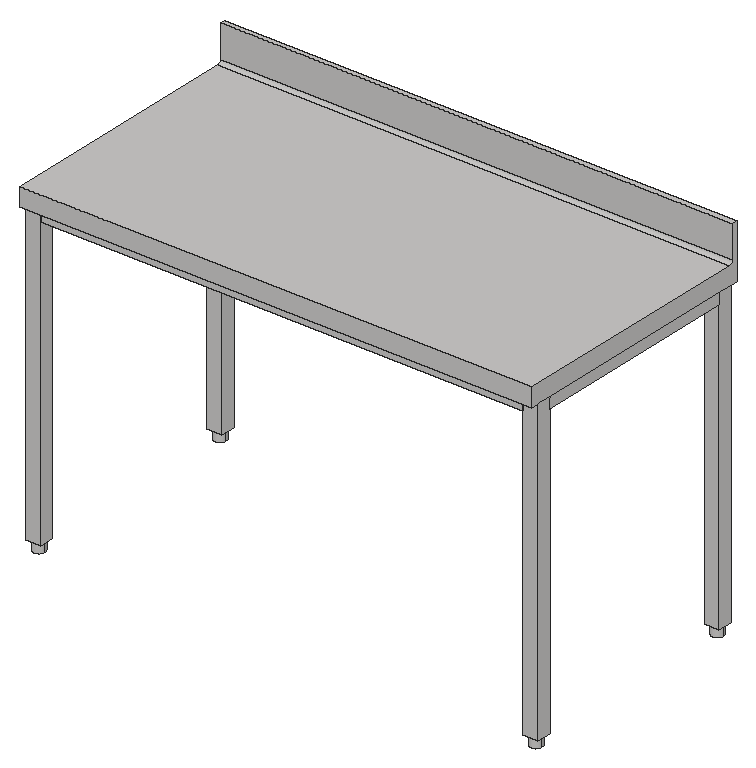
Revit family "QF_ELECTROLUXPROFESSIONAL_134015_GTG1410E", category Attrezzature speciali, Revit 2020
Family settings
  Quota connettore circolare = Usa diametro
  Tipo di parte = Normale
  Basato su piano di lavoro = No
  Sempre verticale = Sì
  Taglio con vuoti quando caricato = No
  Condiviso = No
  Punto di calcolo locali = No
Parameters (values of type "Standard")
  Weight = 43.50 kg
  Watts = 0 W
  Volts = 0 V
  URL Manufacturer = "https://www.electroluxprofessional.com/"
  URL = "https://www.electroluxprofessional.com/"
  Steam Supply Size = 0 mm
  Steam Supply Minimum Pressure = 0.0 Pa
  Steam Supply Maximum Pressure = 0.0 Pa
  Steam Consumption per Hour = 0
  Refrigeration Suction Line Size = 0.0 mm
  Refrigeration Liquid Line Size = 0.0 mm
  Refrigerant Compressor Remote = yes
  Prospetto di default = 0.0 mm
  Produttore = "Electrolux Professional"
  Phase = 0
  Modello = "GTG1410E"
  Length Actual = 1400.0 mm  # constant formula
  Item Number = "134015"
  Hot Water Size = 0 mm
  Height Actual = 1000.0 mm  # constant formula
  HP = "0 HP"
  Gas Size = 0 mm
  Gas KW = 0
  Gas Input Pressure = 0 W
  Direct Waste Size = 0 mm
  Descrizione = "WORK TABLE WITH UPSTAND 1400 MM"
  Depth Actual = 700.0 mm  # constant formula
  Cycle = 0 Hz
  Condensate Return Size = 0 mm
  Compressed Air Volume = 0.0 L/s
  Compressed Air Size = 0 mm
  Compressed Air Pressure = 0.0 Pa
  Cold Water Size = 0 mm
  Accessory = yes
Reference planes
  plane 1 "Center (Front/Back)": y = 0
  plane 2: z = 0
  plane 3 "Center (Left/Right)": x = -200
  plane 4 "LEFT": x = -900
  plane 5 "RIGHT": x = 500
  plane 6 "BACK": y = 350
  plane 7 "FRONT": y = -350
  plane 8 "Base": z = 850
  plane 9 "TOP": z = 900
  plane 10: x = -880
  plane 11: x = 480
  plane 12: y = 310
  plane 13: y = -310
  plane 14 "TRAVERSI": z = 820
  plane 15: x = -860
  plane 16: x = 460
  plane 17: y = 290
  plane 18: y = -290
  plane 19: y = 330
  plane 20: y = -330
Forms (mm)
  Extrusion 1, solid, material "QF_Finishes_Stainless Steel"
    sketch origin (-200, 0, 0) x (0, 1, 0) y (0, 0, 1)
      loop
        line (-350, 850) -> (350, 850) -> (350, 1000) -> (337, 1000) -> (337, 910)
        arc (337, 910) -> (334.071, 902.929) -> (327, 900) r 10
        line (327, 900) -> (-350, 900) -> (-350, 850)
    from 700 to -700
  Extrusion 2, solid, material "QF_Finishes_Stainless Steel"
    sketch origin (0, 0, 820) x (0, 1, 0) y (-1, 0, 0)
      loop
        line (290, -460) -> (-290, -460) -> (-290, -500) -> (290, -500) -> (290, -460)
      loop
        line (290, 900) -> (-290, 900) -> (-290, 860) -> (290, 860) -> (290, 900)
    from 0 to 30
  Extrusion 3, solid, material "QF_Finishes_Stainless Steel"
    sketch origin (0, 0, 820) x (0, 1, 0) y (-1, 0, 0)
      loop
        line (330, -460) -> (330, 860) -> (290, 860) -> (290, -460) -> (330, -460)
      loop
        line (-290, 860) -> (-330, 860) -> (-330, -460) -> (-290, -460) -> (-290, 860)
    from 0 to 30
Lines and regions (mm)
  symbolic lines
    curve 1: line (500, 350, 900) -> (-900, 350, 900)
    curve 2: line (-900, 350, 900) -> (-900, -350, 900)
    curve 3: line (-900, -350, 900) -> (500, -350, 900)
    curve 4: line (500, -350, 900) -> (500, 350, 900)
    curve 5: line (-900, 337, 820) -> (500, 337, 820)
Dimensions and locks
  plane 4 "LEFT" to plane 5 "RIGHT" = 1400.0 mm
  equal spacing: plane 4 "LEFT", plane 3 "Center (Left/Right)", plane 5 "RIGHT"
  plane 4 "LEFT" to plane 10 = 20.0 mm
  plane 11 to plane 5 "RIGHT" = 20.0 mm
  plane 10 to plane 11 = 1360.0 mm
  plane 6 "BACK" to plane 12 = 40.0 mm
  plane 13 to plane 7 "FRONT" = 40.0 mm
  plane 6 "BACK" to plane 7 "FRONT" = 700.0 mm
  plane 12 to plane 13 = 620.0 mm
  equal spacing: plane 6 "BACK", plane 1 "Center (Front/Back)", plane 7 "FRONT"
  plane 8 "Base" to plane 14 "TRAVERSI" = 30.0 mm
  locked: plane 10 to plane 15 at 20
  locked: plane 16 to plane 11 at 20
  locked: plane 19 to plane 12 at 20
  locked: plane 12 to plane 17 at 20
  locked: plane 18 to plane 13 at 20
  locked: plane 13 to plane 20 at 20
  locked: plane 8 "Base" to level at 850
  locked: Extrusion 1 to level at 1000
  aligned and locked: level to plane 2
  aligned and locked: plane 10 to nested 1
  aligned and locked: nested 1 to plane 13
  aligned and locked: plane 11 to nested 2
  aligned and locked: nested 2 to plane 13
  aligned and locked: plane 11 to nested 4
  aligned and locked: nested 4 to plane 12
  aligned and locked: plane 10 to nested 3
  aligned and locked: nested 3 to plane 12
  aligned and locked: Extrusion 1 to plane 4 "LEFT"
  aligned and locked: plane 5 "RIGHT" to Extrusion 1
  aligned and locked: curve 2 to plane 4 "LEFT"
  aligned and locked: Extrusion 2 sketch curve to plane 5 "RIGHT"
  aligned and locked: Extrusion 2 sketch curve to plane 17  (x2)
  aligned and locked: plane 16 to Extrusion 2 sketch curve
  aligned and locked: plane 18 to Extrusion 2 sketch curve  (x2)
  aligned and locked: plane 4 "LEFT" to Extrusion 2 sketch curve
  aligned and locked: Extrusion 2 sketch curve to plane 15
  aligned and locked: plane 19 to Extrusion 3 sketch curve
  aligned and locked: Extrusion 3 sketch curve to plane 17
  aligned and locked: Extrusion 3 sketch curve to plane 18
  aligned and locked: plane 20 to Extrusion 3 sketch curve
  aligned and locked: Extrusion 3 sketch curve to plane 15
  aligned and locked: plane 15 to Extrusion 3 sketch curve
  aligned and locked: plane 16 to Extrusion 3 sketch curve
  aligned and locked: Extrusion 3 sketch curve to plane 16
  aligned and locked: curve 5 to Extrusion 1
Automatic sketch dimensions
  curve 3 to plane 7 "FRONT" = 0.0 mm
  curve 4 to plane 6 "BACK" = 0.0 mm
  curve 4 to plane 5 "RIGHT" = 0.0 mm
  Extrusion 1 sketch curve to plane 7 "FRONT" = 0.0 mm
  Extrusion 1 sketch curve to plane 9 "TOP" = 0.0 mm
  Extrusion 1 sketch curve to plane 6 "BACK" = 0.0 mm
  Extrusion 1 sketch curve to plane 8 "Base" = 0.0 mm
  Extrusion 1 sketch curve to plane 19 = 3.0 mm
  plane 19 to Extrusion 1 sketch curve = 7.0 mm
  Extrusion 1 sketch curve to Extrusion 1 sketch curve = 90.0 mm
  curve 5 to plane 5 "RIGHT" = 0.0 mm
  curve 5 to plane 4 "LEFT" = 0.0 mm
Nested families
  nested 1: "FEET_40x40_R" at (-880, -310, 0), type "FEET_40x40_R"
  nested 2: "FEET_40x40_R" at (480, -310, 0), type "FEET_40x40_R"
  nested 3: "FEET_40x40_R" at (-880, 310, 0), type "FEET_40x40_R"
  nested 4: "FEET_40x40_R" at (480, 310, 0), type "FEET_40x40_R"
Definition of nested family "FEET_40x40_R"
  Parameters
    Default Elevation = 0.0 mm
    FEET = 850.0 mm
  Reference planes
    plane 1 "Center (Front/Back)": y = 0
    plane 2: z = 0
    plane 3 "Center (Left/Right)": x = 0
    plane 4: z = 850
  Forms (mm)
    Extrusion 1, solid
      sketch origin (0, 0, 0) x (1, 0, 0) y (0, 1, 0)
        loop
          line (-20, -20) -> (20, -20) -> (20, 20) -> (-20, 20) -> (-20, -20)
      from 25 to 850
    Extrusion 2, solid
      sketch origin (0, 0, 0) x (1, 0, 0) y (0, 1, 0)
        loop
          circle (0, 0) r 16
      from 0 to 25
  Lines and regions (mm)
    symbolic lines
      curve 1: line (0, -1.503, 0) -> (0, 1.508, 0)
      curve 2: line (1.561, 0, 0) -> (-1.439, 0, 0)
  Dimensions and locks
    "FEET": plane 4 to plane 2
    aligned and locked: level to plane 2
  Automatic sketch dimensions
    Extrusion 1 sketch curve to plane 3 "Center (Left/Right)" = 20.0 mm
    plane 3 "Center (Left/Right)" to Extrusion 1 sketch curve = 20.0 mm
    plane 1 "Center (Front/Back)" to Extrusion 1 sketch curve = 20.0 mm
    Extrusion 1 sketch curve to plane 1 "Center (Front/Back)" = 20.0 mm
    plane 1 "Center (Front/Back)" to Extrusion 2 sketch curve = 0.0 mm
    Extrusion 2 sketch curve to plane 3 "Center (Left/Right)" = 0.0 mm
    plane 1 "Center (Front/Back)" to curve 2 = 0.0 mm
    curve 1 to plane 3 "Center (Left/Right)" = 0.0 mm
    curve 2 to plane 3 "Center (Left/Right)" = 1.439 mm
    plane 3 "Center (Left/Right)" to curve 2 = 1.561 mm
    plane 1 "Center (Front/Back)" to curve 1 = 1.503 mm
    curve 1 to plane 1 "Center (Front/Back)" = 1.508 mm
    radius of Extrusion 2 sketch curve = 16.0 mm
